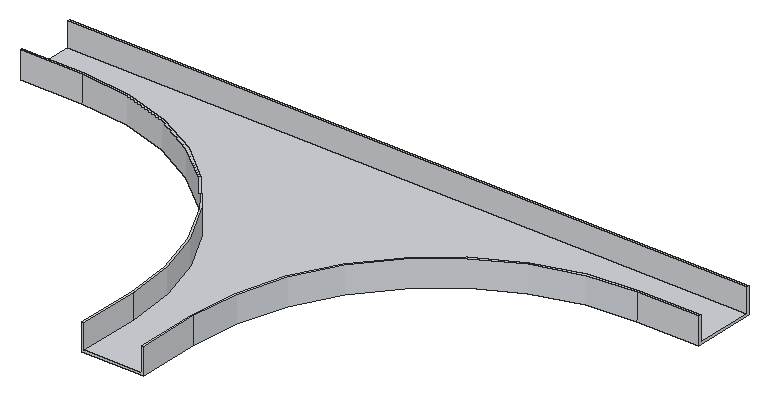
Revit family "M_T horizontal de guia", category Conexões da bandeja de cabos, Revit 2019
Family settings
  Cota do conector redondo = Utilizar diâmetro
  Tipo de parte = Tê de canal
  Número OmniClass = 23.80.30.17.17
  Título OmniClass = Cable Trays and Horizontal Racks
  ID de item do Seek = Channel Horizontal Tee-0000-CAN-ENU
  Com base no plano de trabalho = Não
  Sempre na vertical = Sim
  Corte com vazios quando carregada = Não
  Compartilhado = Não
Parameters (values of type "Raio de 300 mm")
  Tamanho da bandeja 3 [instance] = 75 mm
  Tamanho da bandeja 1 [instance] = 75 mm
  Comprimento da bandeja [instance] = 75 mm
  Altura da bandeja [instance] = 32 mm
  built-in parameter 1140111 [instance] = 2.5 mm
  Legenda do raio 1 [instance] = Legenda do raio + [built-in parameter 1140111]  # 302.5 mm
  Legenda do raio [instance] = Raio  # 300 mm
  Raio = 300 mm
Types (5, lengths in mm): name | Legenda do raio 1 | Legenda do raio | Raio
  (no name) | 302.5 | 300 | 300
  Raio de 300 mm | 302.5 | 300 | 300
  Raio de 600 mm | 602.5 | 600 | 600
  Raio de 900 mm | 902.5 | 900 | 900
  Raio de 1200 mm | 1202.5 | 1200 | 1200
Reference planes
  plane 1 "Centro (Frente/Trás)": y = 0
  plane 2: z = 0
  plane 3 "Centro (Esquerda/Direita)": x = 0
  plane 4: y = 37.5
  plane 5: y = -37.5
  plane 6: z = 16
  plane 7: z = -16
  plane 8: y = -337.5
  plane 9: x = -37.5
  plane 10: x = 37.5
  plane 11: x = -337.5
  plane 12: x = 337.5
  plane 13: y = -35
  plane 14: y = 35
  plane 15: y = -412.5
  plane 16: x = -35
  plane 17: x = 35
  plane 18: x = -412.5
  plane 19: x = 412.5
  plane 20: z = -13.5
Forms (mm)
  Extrusion 1, solid, detail levels fine
    sketch origin (0, 0, 0) x (1, 0, 0) y (0, 1, 0)
      loop
        arc (-337.5, -37.5) -> (-125.368, -125.368) -> (-37.5, -337.5) r 300
        line (-37.5, -337.5) -> (-37.5, -412.5) -> (-35, -412.5) -> (-35, -337.5)
        arc (-35, -337.5) -> (-123.6, -123.6) -> (-337.5, -35) r 302.5
        line (-337.5, -35) -> (-412.5, -35) -> (-412.5, -37.5) -> (-337.5, -37.5)
      loop
        line (337.5, -37.5) -> (412.5, -37.5) -> (412.5, -35) -> (337.5, -35)
        arc (337.5, -35) -> (123.6, -123.6) -> (35, -337.5) r 302.5
        line (35, -337.5) -> (35, -412.5) -> (37.5, -412.5) -> (37.5, -337.5)
        arc (37.5, -337.5) -> (125.368, -125.368) -> (337.5, -37.5) r 300
      loop
        line (-412.5, 37.5) -> (-412.5, 35) -> (412.5, 35) -> (412.5, 37.5) -> (-412.5, 37.5)
    from -16 to 16
  Extrusion 2, solid, detail levels fine
    sketch origin (0, 0, 0) x (1, 0, 0) y (0, 1, 0)
      loop
        arc (-337.5, -37.5) -> (-125.368, -125.368) -> (-37.5, -337.5) r 300
        line (-37.5, -337.5) -> (-37.5, -412.5) -> (37.5, -412.5) -> (37.5, -337.5)
        arc (37.5, -337.5) -> (125.368, -125.368) -> (337.5, -37.5) r 300
        line (337.5, -37.5) -> (412.5, -37.5) -> (412.5, 37.5) -> (-412.5, 37.5) -> (-412.5, -37.5) -> (-337.5, -37.5)
    from -16 to -13.5
  Extrusion 3, solid, detail levels medium
    sketch origin (0, 0, 0) x (1, 0, 0) y (0, 1, 0)
      loop
        arc (-337.5, -37.5) -> (-125.368, -125.368) -> (-37.5, -337.5) r 300
        line (-37.5, -337.5) -> (-37.5, -412.5) -> (37.5, -412.5) -> (37.5, -337.5)
        arc (37.5, -337.5) -> (125.368, -125.368) -> (337.5, -37.5) r 300
        line (337.5, -37.5) -> (412.5, -37.5) -> (412.5, 37.5) -> (-412.5, 37.5) -> (-412.5, -37.5) -> (-337.5, -37.5)
    from -16 to 16
Cuts and joins
  joined: Extrusion 1, Extrusion 2
Lines and regions (mm)
  model lines, detail levels coarse
    curve 1: line (-412.5, 0, 0) -> (412.5, 0, 0)
    curve 2: line (0, 0, 0) -> (0, -412.5, 0)
Dimensions and locks
  equal spacing: plane 4, plane 1 "Centro (Frente/Trás)", plane 5
  "Tamanho da bandeja 1": plane 4 to plane 5
  equal spacing: plane 6, plane 2, plane 7
  "Altura da bandeja": plane 6 to plane 7
  "Legenda do raio": plane 5 to plane 8
  equal spacing: plane 9, plane 3 "Centro (Esquerda/Direita)", plane 10
  "Tamanho da bandeja 3": plane 9 to plane 10
  "Legenda do raio": plane 11 to plane 9
  "Legenda do raio": plane 10 to plane 12
  "built-in parameter 1140111": plane 13 to plane 5
  "built-in parameter 1140111": plane 4 to plane 14
  "Comprimento da bandeja": plane 8 to plane 15
  "built-in parameter 1140111": plane 9 to plane 16
  "built-in parameter 1140111": plane 17 to plane 10
  "Comprimento da bandeja": plane 18 to plane 11
  "Comprimento da bandeja": plane 12 to plane 19
  "built-in parameter 1140111": plane 20 to plane 7
  "Legenda do raio": radius of Extrusion 1 sketch curve  (x2)
  "Legenda do raio 1": radius of Extrusion 1 sketch curve  (x2)
  "Legenda do raio": radius of Extrusion 2 sketch curve  (x2)
  "Legenda do raio": radius of Extrusion 3 sketch curve  (x2)
  aligned and locked: plane 8 to Extrusion 1 sketch curve  (x8)
  aligned and locked: plane 11 to Extrusion 1 sketch curve  (x2)
  aligned and locked: Extrusion 1 sketch curve to plane 13
  aligned and locked: plane 18 to Extrusion 1 sketch curve  (x2)
  aligned and locked: Extrusion 1 sketch curve to plane 5
  aligned and locked: Extrusion 1 sketch curve to plane 9
  aligned and locked: plane 15 to Extrusion 1 sketch curve  (x2)
  aligned and locked: Extrusion 1 sketch curve to plane 16
  aligned and locked: plane 16 to Extrusion 1 sketch curve
  aligned and locked: plane 9 to Extrusion 1 sketch curve
  aligned and locked: Extrusion 1 sketch curve to plane 15  (x2)
  aligned and locked: Extrusion 1 sketch curve to plane 18
  aligned and locked: Extrusion 1 to plane 7
  aligned and locked: plane 6 to Extrusion 1
  aligned and locked: plane 12 to Extrusion 1 sketch curve  (x2)
  aligned and locked: plane 19 to Extrusion 1 sketch curve
  aligned and locked: plane 5 to Extrusion 1 sketch curve
  aligned and locked: plane 13 to Extrusion 1 sketch curve
  aligned and locked: Extrusion 1 sketch curve to plane 19  (x2)
  aligned and locked: Extrusion 1 sketch curve to plane 17
  aligned and locked: Extrusion 1 sketch curve to plane 10
  aligned and locked: plane 10 to Extrusion 1 sketch curve
  aligned and locked: plane 17 to Extrusion 1 sketch curve
  aligned and locked: plane 14 to Extrusion 1 sketch curve
  aligned and locked: Extrusion 1 sketch curve to plane 4
  aligned and locked: plane 8 to Extrusion 2 sketch curve  (x4)
  aligned and locked: plane 11 to Extrusion 2 sketch curve  (x2)
  aligned and locked: plane 12 to Extrusion 2 sketch curve  (x2)
  aligned and locked: plane 18 to Extrusion 2 sketch curve
  aligned and locked: Extrusion 2 sketch curve to plane 5
  aligned and locked: Extrusion 2 sketch curve to plane 18
  aligned and locked: plane 19 to Extrusion 2 sketch curve  (x2)
  aligned and locked: Extrusion 2 sketch curve to plane 4
  aligned and locked: plane 4 to Extrusion 2 sketch curve
  aligned and locked: plane 5 to Extrusion 2 sketch curve
  aligned and locked: plane 15 to Extrusion 2 sketch curve
  aligned and locked: plane 10 to Extrusion 2 sketch curve
  aligned and locked: plane 9 to Extrusion 2 sketch curve
  aligned and locked: Extrusion 2 sketch curve to plane 15
  aligned and locked: Extrusion 2 to plane 7
  aligned and locked: plane 20 to Extrusion 2
  aligned and locked: plane 8 to Extrusion 3 sketch curve  (x3)
  aligned and locked: plane 11 to Extrusion 3 sketch curve  (x2)
  aligned and locked: plane 18 to Extrusion 3 sketch curve
  aligned and locked: Extrusion 3 sketch curve to plane 5  (x2)
  aligned and locked: plane 4 to Extrusion 3 sketch curve  (x2)
  aligned and locked: Extrusion 3 sketch curve to plane 18
  aligned and locked: plane 5 to Extrusion 3 sketch curve
  aligned and locked: Extrusion 3 sketch curve to plane 19
  aligned and locked: plane 12 to Extrusion 3 sketch curve
  aligned and locked: plane 19 to Extrusion 3 sketch curve
  aligned and locked: plane 15 to Extrusion 3 sketch curve
  aligned and locked: Extrusion 3 sketch curve to plane 10
  aligned and locked: plane 10 to Extrusion 3 sketch curve
  aligned and locked: plane 9 to Extrusion 3 sketch curve
  aligned and locked: Extrusion 3 sketch curve to plane 15
  aligned and locked: Extrusion 3 to plane 7
  aligned and locked: plane 6 to Extrusion 3
  aligned and locked: plane 19 to curve 1
  aligned and locked: plane 18 to curve 1
  aligned and locked: plane 1 "Centro (Frente/Trás)" to curve 1
  aligned and locked: plane 15 to curve 2
  aligned and locked: plane 1 "Centro (Frente/Trás)" to curve 2
  aligned and locked: curve 2 to plane 3 "Centro (Esquerda/Direita)"
Connectors
  cabletrayconduit at (-412.5, 0, 0), diameter 609.6, driven by "Altura da bandeja", driven by "Tamanho da bandeja 1"
    settings: on Extrusion 3, index 1, connector width 75 mm, connector height 32 mm, connector angle 0.00°, system type 32, placement type 0, profile type 1, connector reference index 2, is primary connector yes, connector utility param no, connector description ""
  cabletrayconduit at (412.5, 0, 0), diameter 609.6, driven by "Altura da bandeja", driven by "Tamanho da bandeja 1"
    settings: on Extrusion 3, index 2, connector width 75 mm, connector height 32 mm, connector angle 0.00°, system type 32, placement type 0, profile type 1, connector reference index 1, is primary connector no, connector utility param no, connector description ""
  cabletrayconduit at (0, -412.5, 0), diameter 609.6, driven by "Altura da bandeja", driven by "Tamanho da bandeja 3"
    settings: on Extrusion 3, index 3, connector width 75 mm, connector height 32 mm, connector angle 0.00°, system type 32, placement type 0, profile type 1, connector reference index -1, is primary connector no, connector utility param no, connector description ""
